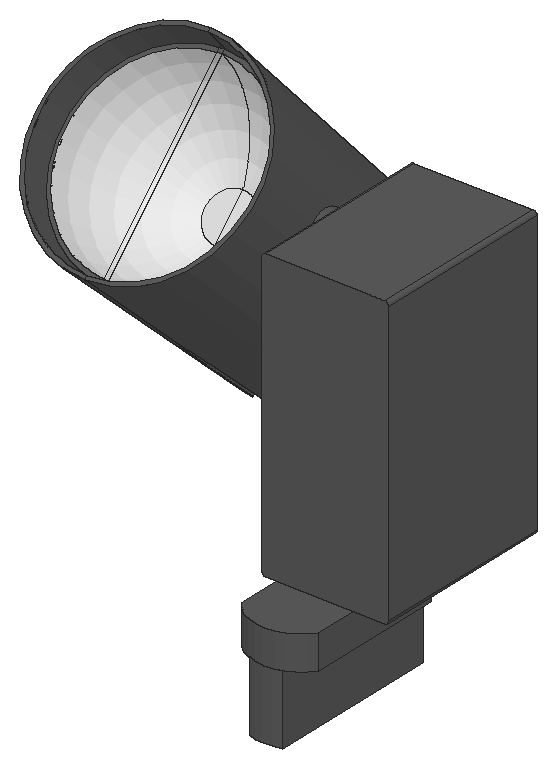
Revit family "0004949 Feilo Sylvania Lighting Fixture START TRACK SPOT S DALI 2141LM 940 MB BLK", category Lighting Fixtures, host Face, Revit 2017 (continued)
Definition of nested family "Start Track Spot Head"
  Types (96, lengths in mm): name | Wattage | built-in parameter 1150134 | Photometric Web File | Model | built-in parameter 1150105 | Lumens | built-in parameter 1150107 | built-in parameter 1150106 | HeadThickness_FEILO | HeadRibOffset_FEILO | HeadRibDepth_FEILO | HeadRibCutWidth_FEILO | HeadRibCutOffset_FEILO | HeadReflectorRadius_FEILO | HeadReflectorOffset_FEILO | HeadLEDRadius_FEILO | HeadHeight_FEILO | HeadDiffusorOffset_FEILO | HeadDiaOut_FEILO | HeadDiaIn_FEILO | HeadAxisFromTop_FEILO | Emit from Circle Diameter | built-in parameter 1150104 | Description | Apparent Load
    0004864 START TRACK SPOT S 24W 3K RA90 WB WHITE | 24 W | (empty or 0) | "0004864.ies" | "START TRACK SPOT S 24W 3K RA90 WB WHITE" | 152.79 (stored number, unit not read) | 1920 lm | 3000 (stored number, unit not read) | 1.5279 (stored number, unit not read) | 1.5 | 4.179 | 55.714 | 7.167 | 50.87 | 50.588 | 55.714 | 9.556 | 117 | 9.435 | 86 | 77.477 | 69.354 | 77.477 | 7.4322 (stored number, unit not read) | "Integrated LED spotlight, Textured White - RAL9016, compact and minimalist design, ideal for retail applications, die-cast aluminium body, passive cooling heatsink. Beam angle: 64°, color temperature: 3000K , total system power: 24W, total fixture output: 1928 lm, LOR: 100%, colour rendering: Ra: 90 typical, LED Chromaticity: 3 step MacAdam ellipse, lifetime: >50000 hours at L70B50, energy class: A++, A+, A, IR/UV free light source without heat radiation, operating voltage: 220-240V / 50-60Hz, drive current: 600mA, electronic driver, non-dimmable, power factor: 0.95, electrical protection: Class II, Global Track 3 Phase adapter suitable for Global trac 3-circuit tracks, ingress protection rating: IP20, suitable for internal environment only, horizontal rotation: 355°, vertical tilt: 90°, dimensions: Ø86x140x200, weight: 0.966kg." | 24 VA
    0004863 START TRACK SPOT S 24W 3K RA90 MB WHITE | 24 W | (empty or 0) | "0004863.ies" | "START TRACK SPOT S 24W 3K RA90 MB WHITE" | 154.7 (stored number, unit not read) | 1944 lm | 3000 (stored number, unit not read) | 1.547 (stored number, unit not read) | 1.5 | 4.179 | 55.714 | 7.167 | 50.87 | 50.588 | 55.714 | 9.556 | 117 | 9.435 | 86 | 77.477 | 69.354 | 77.477 | 7.5251 (stored number, unit not read) | "Integrated LED spotlight, Textured White - RAL9016, compact and minimalist design, ideal for retail applications, die-cast aluminium body, passive cooling heatsink. Beam angle: 36°, color temperature: 3000K , total system power: 24W, total fixture output: 1944 lm, LOR: 100%, colour rendering: Ra: 90 typical, LED Chromaticity: 3 step MacAdam ellipse, lifetime: >50000 hours at L70B50, energy class: A++, A+, A, IR/UV free light source without heat radiation, operating voltage: 220-240V / 50-60Hz, drive current: 600mA, electronic driver, non-dimmable, power factor: 0.95, electrical protection: Class II, Global Track 3 Phase adapter suitable for Global trac 3-circuit tracks, ingress protection rating: IP20, suitable for internal environment only, horizontal rotation: 355°, vertical tilt: 90°, dimensions: Ø86x140x200, weight: 0.966kg." | 24 VA
    0004862 START TRACK SPOT S 24W 3K RA90 NB WHITE | 24 W | (empty or 0) | "0004862.ies" | "START TRACK SPOT S 24W 3K RA90 NB WHITE" | 158.52 (stored number, unit not read) | 1992 lm | 3000 (stored number, unit not read) | 1.5852 (stored number, unit not read) | 1.5 | 4.179 | 55.714 | 7.167 | 50.87 | 50.588 | 55.714 | 9.556 | 117 | 9.435 | 86 | 77.477 | 69.354 | 77.477 | 7.711 (stored number, unit not read) | "Integrated LED spotlight, Textured White - RAL9016, compact and minimalist design, ideal for retail applications, die-cast aluminium body, passive cooling heatsink. Beam angle: 12°, color temperature: 3000K , total system power: 24W, total fixture output: 1987 lm, LOR: 100%, colour rendering: Ra: 90 typical, LED Chromaticity: 3 step MacAdam ellipse, lifetime: >50000 hours at L70B50, energy class: A++, A+, A, IR/UV free light source without heat radiation, operating voltage: 220-240V / 50-60Hz, drive current: 600mA, electronic driver, non-dimmable, power factor: 0.95, electrical protection: Class II, Global Track 3 Phase adapter suitable for Global trac 3-circuit tracks, ingress protection rating: IP20, suitable for internal environment only, horizontal rotation: 355°, vertical tilt: 90°, dimensions: Ø86x140x200, weight: 0.966kg." | 24 VA
    0004861 START TRACK SPOT S 14W 3K RA90 WB WHITE | 14 W | (empty or 0) | "0004861.ies" | "START TRACK SPOT S 14W 3K RA90 WB WHITE" | 100.27 (stored number, unit not read) | 1260 lm | 3000 (stored number, unit not read) | 1.0027 (stored number, unit not read) | 1.5 | 4.179 | 55.714 | 7.167 | 50.87 | 50.588 | 55.714 | 9.556 | 117 | 9.435 | 86 | 77.477 | 69.354 | 77.477 | 8.3613 (stored number, unit not read) | "Integrated LED spotlight, Textured White - RAL9016, compact and minimalist design, ideal for retail applications, die-cast aluminium body, passive cooling heatsink. Beam angle: 64°, color temperature: 3000K , total system power: 14W, total fixture output: 1262 lm, LOR: 100%, colour rendering: Ra: 90 typical, LED Chromaticity: 3 step MacAdam ellipse, lifetime: >50000 hours at L70B50, energy class: A++, A+, A, IR/UV free light source without heat radiation, operating voltage: 220-240V / 50-60Hz, drive current: 350mA, electronic driver, non-dimmable, power factor: 0.92, electrical protection: Class II, Global Track 3 Phase adapter suitable for Global trac 3-circuit tracks, ingress protection rating: IP20, suitable for internal environment only, horizontal rotation: 355°, vertical tilt: 90°, dimensions: Ø86x140x200, weight: 0.940kg." | 14 VA
    0004860 START TRACK SPOT S 14W 3K RA90 MB WHITE | 14 W | (empty or 0) | "0004860.ies" | "START TRACK SPOT S 14W 3K RA90 MB WHITE" | 100.27 (stored number, unit not read) | 1260 lm | 3000 (stored number, unit not read) | 1.0027 (stored number, unit not read) | 1.5 | 4.179 | 55.714 | 7.167 | 50.87 | 50.588 | 55.714 | 9.556 | 117 | 9.435 | 86 | 77.477 | 69.354 | 77.477 | 8.3613 (stored number, unit not read) | "Integrated LED spotlight, Textured White - RAL9016, compact and minimalist design, ideal for retail applications, die-cast aluminium body, passive cooling heatsink. Beam angle: 36°, color temperature: 3000K , total system power: 14W, total fixture output: 1262 lm, LOR: 100%, colour rendering: Ra: 90 typical, LED Chromaticity: 3 step MacAdam ellipse, lifetime: >50000 hours at L70B50, energy class: A++, A+, A, IR/UV free light source without heat radiation, operating voltage: 220-240V / 50-60Hz, drive current: 350mA, electronic driver, non-dimmable, power factor: 0.92, electrical protection: Class II, Global Track 3 Phase adapter suitable for Global trac 3-circuit tracks, ingress protection rating: IP20, suitable for internal environment only, horizontal rotation: 355°, vertical tilt: 90°, dimensions: Ø86x140x200, weight: 0.940kg." | 14 VA
    0004859 START TRACK SPOT S 14W 3K RA90 NB WHITE | 14 W | (empty or 0) | "0004859.ies" | "START TRACK SPOT S 14W 3K RA90 NB WHITE" | 102.5 (stored number, unit not read) | 1288 lm | 3000 (stored number, unit not read) | 1.025 (stored number, unit not read) | 1.5 | 4.179 | 55.714 | 7.167 | 50.87 | 50.588 | 55.714 | 9.556 | 117 | 9.435 | 86 | 77.477 | 69.354 | 77.477 | 8.5471 (stored number, unit not read) | "Integrated LED spotlight, Textured White - RAL9016, compact and minimalist design, ideal for retail applications, die-cast aluminium body, passive cooling heatsink. Beam angle: 12°, color temperature: 3000K , total system power: 14W, total fixture output: 1284 lm, LOR: 100%, colour rendering: Ra: 90 typical, LED Chromaticity: 3 step MacAdam ellipse, lifetime: >50000 hours at L70B50, energy class: A++, A+, A, IR/UV free light source without heat radiation, operating voltage: 220-240V / 50-60Hz, drive current: 350mA, electronic driver, non-dimmable, power factor: 0.92, electrical protection: Class II, Global Track 3 Phase adapter suitable for Global trac 3-circuit tracks, ingress protection rating: IP20, suitable for internal environment only, horizontal rotation: 355°, vertical tilt: 90°, dimensions: Ø86x140x200, weight: 0.940kg." | 14 VA
    0004858 START TRACK SPOT L 55W 4K RA80 WB BLACK | 55 W | 12 | "0004858.ies" | "START TRACK SPOT L 55W 4K RA80 WB BLACK" | 424.55 (stored number, unit not read) | 5335 lm | 4000 (stored number, unit not read) | 4.2455 (stored number, unit not read) | 2 | 4.429 | 59.048 | 9.417 | 53.913 | 66.471 | 59.048 | 12.556 | 124 | 10 | 113 | 101.802 | 73.503 | 101.802 | 9.0116 (stored number, unit not read) | "Integrated LED spotlight, Textured Black - RAL9005, compact and minimalist design, ideal for retail applications, die-cast aluminium body, passive cooling heatsink. Beam angle: 52°, color temperature: 4000K , total system power: 55W, total fixture output: 5320 lm, LOR: 100%, colour rendering: Ra: 80 typical, LED Chromaticity: 3 step MacAdam ellipse, lifetime: >50000 hours at L70B50, energy class: A++, A+, A, IR/UV free light source without heat radiation, operating voltage: 220-240V / 50-60Hz, drive current: 1400mA, electronic driver, non-dimmable, power factor: 0.96, electrical protection: Class II, Global Track 3 Phase adapter suitable for Global trac 3-circuit tracks, ingress protection rating: IP20, suitable for internal environment only, horizontal rotation: 355°, vertical tilt: 90°, dimensions: Ø113x164x240, weight: 1.398kg." | 55 VA
    0004857 START TRACK SPOT L 55W 4K RA80 MB BLACK | 55 W | 12 | "0004857.ies" | "START TRACK SPOT L 55W 4K RA80 MB BLACK" | 428.92 (stored number, unit not read) | 5390 lm | 4000 (stored number, unit not read) | 4.2892 (stored number, unit not read) | 2 | 4.429 | 59.048 | 9.417 | 53.913 | 66.471 | 59.048 | 12.556 | 124 | 10 | 113 | 101.802 | 73.503 | 101.802 | 9.1045 (stored number, unit not read) | "Integrated LED spotlight, Textured Black - RAL9005, compact and minimalist design, ideal for retail applications, die-cast aluminium body, passive cooling heatsink. Beam angle: 38°, color temperature: 4000K , total system power: 55W, total fixture output: 5378 lm, LOR: 100%, colour rendering: Ra: 80 typical, LED Chromaticity: 3 step MacAdam ellipse, lifetime: >50000 hours at L70B50, energy class: A++, A+, A, IR/UV free light source without heat radiation, operating voltage: 220-240V / 50-60Hz, drive current: 1400mA, electronic driver, non-dimmable, power factor: 0.96, electrical protection: Class II, Global Track 3 Phase adapter suitable for Global trac 3-circuit tracks, ingress protection rating: IP20, suitable for internal environment only, horizontal rotation: 355°, vertical tilt: 90°, dimensions: Ø113x164x240, weight: 1.398kg." | 55 VA
    0004856 START TRACK SPOT L 55W 4K RA80 NB BLACK | 55 W | 12 | "0004856.ies" | "START TRACK SPOT L 55W 4K RA80 NB BLACK" | 433.3 (stored number, unit not read) | 5445 lm | 4000 (stored number, unit not read) | 4.333 (stored number, unit not read) | 2 | 4.429 | 59.048 | 9.417 | 53.913 | 66.471 | 59.048 | 12.556 | 124 | 10 | 113 | 101.802 | 73.503 | 101.802 | 9.1974 (stored number, unit not read) | "Integrated LED spotlight, Textured Black - RAL9005, compact and minimalist design, ideal for retail applications, die-cast aluminium body, passive cooling heatsink. Beam angle: 15°, color temperature: 4000K , total system power: 55W, total fixture output: 5426 lm, LOR: 100%, colour rendering: Ra: 80 typical, LED Chromaticity: 3 step MacAdam ellipse, lifetime: >50000 hours at L70B50, energy class: A++, A+, A, IR/UV free light source without heat radiation, operating voltage: 220-240V / 50-60Hz, drive current: 1400mA, electronic driver, non-dimmable, power factor: 0.96, electrical protection: Class II, Global Track 3 Phase adapter suitable for Global trac 3-circuit tracks, ingress protection rating: IP20, suitable for internal environment only, horizontal rotation: 355°, vertical tilt: 90°, dimensions: Ø113x164x240, weight: 1.398kg." | 55 VA
    0004855 START TRACK SPOT L 35W 4K RA80 WB BLACK | 35 W | 12 | "0004855.ies" | "START TRACK SPOT L 35W 4K RA80 WB BLACK" | 320.3 (stored number, unit not read) | 4025 lm | 4000 (stored number, unit not read) | 3.203 (stored number, unit not read) | 2 | 4.429 | 59.048 | 9.417 | 53.913 | 66.471 | 59.048 | 12.556 | 124 | 10 | 113 | 101.802 | 73.503 | 101.802 | 10.684 (stored number, unit not read) | "Integrated LED spotlight, Textured Black - RAL9005, compact and minimalist design, ideal for retail applications, die-cast aluminium body, passive cooling heatsink. Beam angle: 52°, color temperature: 4000K , total system power: 35W, total fixture output: 4010 lm, LOR: 100%, colour rendering: Ra: 80 typical, LED Chromaticity: 3 step MacAdam ellipse, lifetime: >50000 hours at L70B50, energy class: A++, A+, A, IR/UV free light source without heat radiation, operating voltage: 220-240V / 50-60Hz, drive current: 900mA, electronic driver, non-dimmable, power factor: 0.93, electrical protection: Class II, Global Track 3 Phase adapter suitable for Global trac 3-circuit tracks, ingress protection rating: IP20, suitable for internal environment only, horizontal rotation: 355°, vertical tilt: 90°, dimensions: Ø113x164x240, weight: 1.368kg." | 35 VA
    0004854 START TRACK SPOT L 35W 4K RA80 MB BLACK | 35 W | 12 | "0004854.ies" | "START TRACK SPOT L 35W 4K RA80 MB BLACK" | 320.3 (stored number, unit not read) | 4025 lm | 4000 (stored number, unit not read) | 3.203 (stored number, unit not read) | 2 | 4.429 | 59.048 | 9.417 | 53.913 | 66.471 | 59.048 | 12.556 | 124 | 10 | 113 | 101.802 | 73.503 | 101.802 | 10.684 (stored number, unit not read) | "Integrated LED spotlight, Textured Black - RAL9005, compact and minimalist design, ideal for retail applications, die-cast aluminium body, passive cooling heatsink. Beam angle: 38°, color temperature: 4000K , total system power: 35W, total fixture output: 4017 lm, LOR: 100%, colour rendering: Ra: 80 typical, LED Chromaticity: 3 step MacAdam ellipse, lifetime: >50000 hours at L70B50, energy class: A++, A+, A, IR/UV free light source without heat radiation, operating voltage: 220-240V / 50-60Hz, drive current: 900mA, electronic driver, non-dimmable, power factor: 0.93, electrical protection: Class II, Global Track 3 Phase adapter suitable for Global trac 3-circuit tracks, ingress protection rating: IP20, suitable for internal environment only, horizontal rotation: 355°, vertical tilt: 90°, dimensions: Ø113x164x240, weight: 1.368kg." | 35 VA
    0004853 START TRACK SPOT L 35W 4K RA80 NB BLACK | 35 W | 12 | "0004853.ies" | "START TRACK SPOT L 35W 4K RA80 NB BLACK" | 331.44 (stored number, unit not read) | 4165 lm | 4000 (stored number, unit not read) | 3.3144 (stored number, unit not read) | 2 | 4.429 | 59.048 | 9.417 | 53.913 | 66.471 | 59.048 | 12.556 | 124 | 10 | 113 | 101.802 | 73.503 | 101.802 | 11.055 (stored number, unit not read) | "Integrated LED spotlight, Textured Black - RAL9005, compact and minimalist design, ideal for retail applications, die-cast aluminium body, passive cooling heatsink. Beam angle: 15°, color temperature: 4000K , total system power: 35W, total fixture output: 4174 lm, LOR: 100%, colour rendering: Ra: 80 typical, LED Chromaticity: 3 step MacAdam ellipse, lifetime: >50000 hours at L70B50, energy class: A++, A+, A, IR/UV free light source without heat radiation, operating voltage: 220-240V / 50-60Hz, drive current: 900mA, electronic driver, non-dimmable, power factor: 0.93, electrical protection: Class II, Global Track 3 Phase adapter suitable for Global trac 3-circuit tracks, ingress protection rating: IP20, suitable for internal environment only, horizontal rotation: 355°, vertical tilt: 90°, dimensions: Ø113x164x240, weight: 1.368kg." | 35 VA
    0004852 START TRACK SPOT S 24W 4K RA80 WB BLACK | 24 W | 12 | "0004852.ies" | "START TRACK SPOT S 24W 4K RA80 WB BLACK" | 196.72 (stored number, unit not read) | 2472 lm | 4000 (stored number, unit not read) | 1.9672 (stored number, unit not read) | 1.5 | 4.179 | 55.714 | 7.167 | 50.87 | 50.588 | 55.714 | 9.556 | 117 | 9.435 | 86 | 77.477 | 69.354 | 77.477 | 9.569 (stored number, unit not read) | "Integrated LED spotlight, Textured Black - RAL9005, compact and minimalist design, ideal for retail applications, die-cast aluminium body, passive cooling heatsink. Beam angle: 64°, color temperature: 4000K , total system power: 24W, total fixture output: 2476 lm, LOR: 100%, colour rendering: Ra: 80 typical, LED Chromaticity: 3 step MacAdam ellipse, lifetime: >50000 hours at L70B50, energy class: A++, A+, A, IR/UV free light source without heat radiation, operating voltage: 220-240V / 50-60Hz, drive current: 600mA, electronic driver, non-dimmable, power factor: 0.95, electrical protection: Class II, Global Track 3 Phase adapter suitable for Global trac 3-circuit tracks, ingress protection rating: IP20, suitable for internal environment only, horizontal rotation: 355°, vertical tilt: 90°, dimensions: Ø86x140x200, weight: 0.966kg." | 24 VA
    0004851 START TRACK SPOT S 24W 4K RA80 MB BLACK | 24 W | 12 | "0004851.ies" | "START TRACK SPOT S 24W 4K RA80 MB BLACK" | 198.63 (stored number, unit not read) | 2496 lm | 4000 (stored number, unit not read) | 1.9863 (stored number, unit not read) | 1.5 | 4.179 | 55.714 | 7.167 | 50.87 | 50.588 | 55.714 | 9.556 | 117 | 9.435 | 86 | 77.477 | 69.354 | 77.477 | 9.6619 (stored number, unit not read) | "Integrated LED spotlight, Textured Black - RAL9005, compact and minimalist design, ideal for retail applications, die-cast aluminium body, passive cooling heatsink. Beam angle: 36°, color temperature: 4000K , total system power: 24W, total fixture output: 2487 lm, LOR: 100%, colour rendering: Ra: 80 typical, LED Chromaticity: 3 step MacAdam ellipse, lifetime: >50000 hours at L70B50, energy class: A++, A+, A, IR/UV free light source without heat radiation, operating voltage: 220-240V / 50-60Hz, drive current: 600mA, electronic driver, non-dimmable, power factor: 0.95, electrical protection: Class II, Global Track 3 Phase adapter suitable for Global trac 3-circuit tracks, ingress protection rating: IP20, suitable for internal environment only, horizontal rotation: 355°, vertical tilt: 90°, dimensions: Ø86x140x200, weight: 0.966kg." | 24 VA
    0004850 START TRACK SPOT S 24W 4K RA80 NB BLACK | 24 W | 12 | "0004850.ies" | "START TRACK SPOT S 24W 4K RA80 NB BLACK" | 200.54 (stored number, unit not read) | 2520 lm | 4000 (stored number, unit not read) | 2.0054 (stored number, unit not read) | 1.5 | 4.179 | 55.714 | 7.167 | 50.87 | 50.588 | 55.714 | 9.556 | 117 | 9.435 | 86 | 77.477 | 69.354 | 77.477 | 9.7548 (stored number, unit not read) | "Integrated LED spotlight, Textured Black - RAL9005, compact and minimalist design, ideal for retail applications, die-cast aluminium body, passive cooling heatsink. Beam angle: 12°, color temperature: 4000K , total system power: 24W, total fixture output: 2529 lm, LOR: 100%, colour rendering: Ra: 80 typical, LED Chromaticity: 3 step MacAdam ellipse, lifetime: >50000 hours at L70B50, energy class: A++, A+, A, IR/UV free light source without heat radiation, operating voltage: 220-240V / 50-60Hz, drive current: 600mA, electronic driver, non-dimmable, power factor: 0.95, electrical protection: Class II, Global Track 3 Phase adapter suitable for Global trac 3-circuit tracks, ingress protection rating: IP20, suitable for internal environment only, horizontal rotation: 355°, vertical tilt: 90°, dimensions: Ø86x140x200, weight: 0.966kg." | 24 VA
    0004849 START TRACK SPOT S 14W 4K RA80 WB BLACK | 14 W | 12 | "0004849.ies" | "START TRACK SPOT S 14W 4K RA80 WB BLACK" | 123.66 (stored number, unit not read) | 1554 lm | 4000 (stored number, unit not read) | 1.2366 (stored number, unit not read) | 1.5 | 4.179 | 55.714 | 7.167 | 50.87 | 50.588 | 55.714 | 9.556 | 117 | 9.435 | 86 | 77.477 | 69.354 | 77.477 | 10.312 (stored number, unit not read) | "Integrated LED spotlight, Textured Black - RAL9005, compact and minimalist design, ideal for retail applications, die-cast aluminium body, passive cooling heatsink. Beam angle: 64°, color temperature: 4000K , total system power: 14W, total fixture output: 1558 lm, LOR: 100%, colour rendering: Ra: 80 typical, LED Chromaticity: 3 step MacAdam ellipse, lifetime: >50000 hours at L70B50, energy class: A++, A+, A, IR/UV free light source without heat radiation, operating voltage: 220-240V / 50-60Hz, drive current: 350mA, electronic driver, non-dimmable, power factor: 0.92, electrical protection: Class II, Global Track 3 Phase adapter suitable for Global trac 3-circuit tracks, ingress protection rating: IP20, suitable for internal environment only, horizontal rotation: 355°, vertical tilt: 90°, dimensions: Ø86x140x200, weight: 0.940kg." | 14 VA
    0004848 START TRACK SPOT S 14W 4K RA80 MB BLACK | 14 W | 12 | "0004848.ies" | "START TRACK SPOT S 14W 4K RA80 MB BLACK" | 127.01 (stored number, unit not read) | 1596 lm | 4000 (stored number, unit not read) | 1.2701 (stored number, unit not read) | 1.5 | 4.179 | 55.714 | 7.167 | 50.87 | 50.588 | 55.714 | 9.556 | 117 | 9.435 | 86 | 77.477 | 69.354 | 77.477 | 10.591 (stored number, unit not read) | "Integrated LED spotlight, Textured Black - RAL9005, compact and minimalist design, ideal for retail applications, die-cast aluminium body, passive cooling heatsink. Beam angle: 36°, color temperature: 4000K , total system power: 14W, total fixture output: 1598 lm, LOR: 100%, colour rendering: Ra: 80 typical, LED Chromaticity: 3 step MacAdam ellipse, lifetime: >50000 hours at L70B50, energy class: A++, A+, A, IR/UV free light source without heat radiation, operating voltage: 220-240V / 50-60Hz, drive current: 350mA, electronic driver, non-dimmable, power factor: 0.92, electrical protection: Class II, Global Track 3 Phase adapter suitable for Global trac 3-circuit tracks, ingress protection rating: IP20, suitable for internal environment only, horizontal rotation: 355°, vertical tilt: 90°, dimensions: Ø86x140x200, weight: 0.940kg." | 14 VA
    0004847 START TRACK SPOT S 14W 4K RA80 NB BLACK | 14 W | 12 | "0004847.ies" | "START TRACK SPOT S 14W 4K RA80 NB BLACK" | 128.12 (stored number, unit not read) | 1610 lm | 4000 (stored number, unit not read) | 1.2812 (stored number, unit not read) | 1.5 | 4.179 | 55.714 | 7.167 | 50.87 | 50.588 | 55.714 | 9.556 | 117 | 9.435 | 86 | 77.477 | 69.354 | 77.477 | 10.684 (stored number, unit not read) | "Integrated LED spotlight, Textured Black - RAL9005, compact and minimalist design, ideal for retail applications, die-cast aluminium body, passive cooling heatsink. Beam angle: 12°, color temperature: 4000K , total system power: 14W, total fixture output: 1608 lm, LOR: 100%, colour rendering: Ra: 80 typical, LED Chromaticity: 3 step MacAdam ellipse, lifetime: >50000 hours at L70B50, energy class: A++, A+, A, IR/UV free light source without heat radiation, operating voltage: 220-240V / 50-60Hz, drive current: 350mA, electronic driver, non-dimmable, power factor: 0.92, electrical protection: Class II, Global Track 3 Phase adapter suitable for Global trac 3-circuit tracks, ingress protection rating: IP20, suitable for internal environment only, horizontal rotation: 355°, vertical tilt: 90°, dimensions: Ø86x140x200, weight: 0.940kg." | 14 VA
    0004846 START TRACK SPOT L 55W 3K RA80 WB BLACK | 55 W | (empty or 0) | "0004846.ies" | "START TRACK SPOT L 55W 3K RA80 WB BLACK" | 420.17 (stored number, unit not read) | 5280 lm | 3000 (stored number, unit not read) | 4.2017 (stored number, unit not read) | 2 | 4.429 | 59.048 | 9.417 | 53.913 | 66.471 | 59.048 | 12.556 | 124 | 10 | 113 | 101.802 | 73.503 | 101.802 | 8.9187 (stored number, unit not read) | "Integrated LED spotlight, Textured Black - RAL9005, compact and minimalist design, ideal for retail applications, die-cast aluminium body, passive cooling heatsink. Beam angle: 52°, color temperature: 3000K , total system power: 55W, total fixture output: 5298 lm, LOR: 100%, colour rendering: Ra: 80 typical, LED Chromaticity: 3 step MacAdam ellipse, lifetime: >50000 hours at L70B50, energy class: A++, A+, A, IR/UV free light source without heat radiation, operating voltage: 220-240V / 50-60Hz, drive current: 1400mA, electronic driver, non-dimmable, power factor: 0.96, electrical protection: Class II, Global Track 3 Phase adapter suitable for Global trac 3-circuit tracks, ingress protection rating: IP20, suitable for internal environment only, horizontal rotation: 355°, vertical tilt: 90°, dimensions: Ø113x164x240, weight: 1.398kg." | 55 VA
    0004845 START TRACK SPOT L 55W 3K RA80 MB BLACK | 55 W | (empty or 0) | "0004845.ies" | "START TRACK SPOT L 55W 3K RA80 MB BLACK" | 428.92 (stored number, unit not read) | 5390 lm | 3000 (stored number, unit not read) | 4.2892 (stored number, unit not read) | 2 | 4.429 | 59.048 | 9.417 | 53.913 | 66.471 | 59.048 | 12.556 | 124 | 10 | 113 | 101.802 | 73.503 | 101.802 | 9.1045 (stored number, unit not read) | "Integrated LED spotlight, Textured Black - RAL9005, compact and minimalist design, ideal for retail applications, die-cast aluminium body, passive cooling heatsink. Beam angle: 38°, color temperature: 3000K , total system power: 55W, total fixture output: 5381 lm, LOR: 100%, colour rendering: Ra: 80 typical, LED Chromaticity: 3 step MacAdam ellipse, lifetime: >50000 hours at L70B50, energy class: A++, A+, A, IR/UV free light source without heat radiation, operating voltage: 220-240V / 50-60Hz, drive current: 1400mA, electronic driver, non-dimmable, power factor: 0.96, electrical protection: Class II, Global Track 3 Phase adapter suitable for Global trac 3-circuit tracks, ingress protection rating: IP20, suitable for internal environment only, horizontal rotation: 355°, vertical tilt: 90°, dimensions: Ø113x164x240, weight: 1.398kg." | 55 VA
    0004844 START TRACK SPOT L 55W 3K RA80 NB BLACK | 55 W | (empty or 0) | "0004844.ies" | "START TRACK SPOT L 55W 3K RA80 NB BLACK" | 433.3 (stored number, unit not read) | 5445 lm | 3000 (stored number, unit not read) | 4.333 (stored number, unit not read) | 2 | 4.429 | 59.048 | 9.417 | 53.913 | 66.471 | 59.048 | 12.556 | 124 | 10 | 113 | 101.802 | 73.503 | 101.802 | 9.1974 (stored number, unit not read) | "Integrated LED spotlight, Textured Black - RAL9005, compact and minimalist design, ideal for retail applications, die-cast aluminium body, passive cooling heatsink. Beam angle: 15°, color temperature: 3000K , total system power: 55W, total fixture output: 5449 lm, LOR: 100%, colour rendering: Ra: 80 typical, LED Chromaticity: 3 step MacAdam ellipse, lifetime: >50000 hours at L70B50, energy class: A++, A+, A, IR/UV free light source without heat radiation, operating voltage: 220-240V / 50-60Hz, drive current: 1400mA, electronic driver, non-dimmable, power factor: 0.96, electrical protection: Class II, Global Track 3 Phase adapter suitable for Global trac 3-circuit tracks, ingress protection rating: IP20, suitable for internal environment only, horizontal rotation: 355°, vertical tilt: 90°, dimensions: Ø113x164x240, weight: 1.398kg." | 55 VA
    0004843 START TRACK SPOT L 35W 3K RA80 WB BLACK | 35 W | (empty or 0) | "0004843.ies" | "START TRACK SPOT L 35W 3K RA80 WB BLACK" | 314.73 (stored number, unit not read) | 3955 lm | 3000 (stored number, unit not read) | 3.1473 (stored number, unit not read) | 2 | 4.429 | 59.048 | 9.417 | 53.913 | 66.471 | 59.048 | 12.556 | 124 | 10 | 113 | 101.802 | 73.503 | 101.802 | 10.498 (stored number, unit not read) | "Integrated LED spotlight, Textured Black - RAL9005, compact and minimalist design, ideal for retail applications, die-cast aluminium body, passive cooling heatsink. Beam angle: 52°, color temperature: 3000K , total system power: 35W, total fixture output: 3943 lm, LOR: 100%, colour rendering: Ra: 80 typical, LED Chromaticity: 3 step MacAdam ellipse, lifetime: >50000 hours at L70B50, energy class: A++, A+, A, IR/UV free light source without heat radiation, operating voltage: 220-240V / 50-60Hz, drive current: 900mA, electronic driver, non-dimmable, power factor: 0.93, electrical protection: Class II, Global Track 3 Phase adapter suitable for Global trac 3-circuit tracks, ingress protection rating: IP20, suitable for internal environment only, horizontal rotation: 355°, vertical tilt: 90°, dimensions: Ø113x164x240, weight: 1.368kg." | 35 VA
    0004842 START TRACK SPOT L 35W 3K RA80 MB BLACK | 35 W | (empty or 0) | "0004842.ies" | "START TRACK SPOT L 35W 3K RA80 MB BLACK" | 320.3 (stored number, unit not read) | 4025 lm | 3000 (stored number, unit not read) | 3.203 (stored number, unit not read) | 2 | 4.429 | 59.048 | 9.417 | 53.913 | 66.471 | 59.048 | 12.556 | 124 | 10 | 113 | 101.802 | 73.503 | 101.802 | 10.684 (stored number, unit not read) | "Integrated LED spotlight, Textured Black - RAL9005, compact and minimalist design, ideal for retail applications, die-cast aluminium body, passive cooling heatsink. Beam angle: 38°, color temperature: 3000K , total system power: 35W, total fixture output: 4008 lm, LOR: 100%, colour rendering: Ra: 80 typical, LED Chromaticity: 3 step MacAdam ellipse, lifetime: >50000 hours at L70B50, energy class: A++, A+, A, IR/UV free light source without heat radiation, operating voltage: 220-240V / 50-60Hz, drive current: 900mA, electronic driver, non-dimmable, power factor: 0.93, electrical protection: Class II, Global Track 3 Phase adapter suitable for Global trac 3-circuit tracks, ingress protection rating: IP20, suitable for internal environment only, horizontal rotation: 355°, vertical tilt: 90°, dimensions: Ø113x164x240, weight: 1.368kg." | 35 VA
    0004841 START TRACK SPOT L 35W 3K RA80 NB BLACK | 35 W | (empty or 0) | "0004841.ies" | "START TRACK SPOT L 35W 3K RA80 NB BLACK" | 317.51 (stored number, unit not read) | 3990 lm | 3000 (stored number, unit not read) | 3.1751 (stored number, unit not read) | 2 | 4.429 | 59.048 | 9.417 | 53.913 | 66.471 | 59.048 | 12.556 | 124 | 10 | 113 | 101.802 | 73.503 | 101.802 | 10.591 (stored number, unit not read) | "Integrated LED spotlight, Textured Black - RAL9005, compact and minimalist design, ideal for retail applications, die-cast aluminium body, passive cooling heatsink. Beam angle: 15°, color temperature: 3000K , total system power: 35W, total fixture output: 4005 lm, LOR: 100%, colour rendering: Ra: 80 typical, LED Chromaticity: 3 step MacAdam ellipse, lifetime: >50000 hours at L70B50, energy class: A++, A+, A, IR/UV free light source without heat radiation, operating voltage: 220-240V / 50-60Hz, drive current: 900mA, electronic driver, non-dimmable, power factor: 0.93, electrical protection: Class II, Global Track 3 Phase adapter suitable for Global trac 3-circuit tracks, ingress protection rating: IP20, suitable for internal environment only, horizontal rotation: 355°, vertical tilt: 90°, dimensions: Ø113x164x240, weight: 1.368kg." | 35 VA
    0004840 START TRACK SPOT S 24W 3K RA80 WB BLACK | 24 W | (empty or 0) | "0004840.ies" | "START TRACK SPOT S 24W 3K RA80 WB BLACK" | 185.26 (stored number, unit not read) | 2328 lm | 3000 (stored number, unit not read) | 1.8526 (stored number, unit not read) | 1.5 | 4.179 | 55.714 | 7.167 | 50.87 | 50.588 | 55.714 | 9.556 | 117 | 9.435 | 86 | 77.477 | 69.354 | 77.477 | 9.0116 (stored number, unit not read) | "Integrated LED spotlight, Textured Black - RAL9005, compact and minimalist design, ideal for retail applications, die-cast aluminium body, passive cooling heatsink. Beam angle: 64°, color temperature: 3000K , total system power: 24W, total fixture output: 2318 lm, LOR: 100%, colour rendering: Ra: 80 typical, LED Chromaticity: 3 step MacAdam ellipse, lifetime: >50000 hours at L70B50, energy class: A++, A+, A, IR/UV free light source without heat radiation, operating voltage: 220-240V / 50-60Hz, drive current: 600mA, electronic driver, non-dimmable, power factor: 0.95, electrical protection: Class II, Global Track 3 Phase adapter suitable for Global trac 3-circuit tracks, ingress protection rating: IP20, suitable for internal environment only, horizontal rotation: 355°, vertical tilt: 90°, dimensions: Ø86x140x200, weight: 0.966kg." | 24 VA
    0004839 START TRACK SPOT S 24W 3K RA80 MB BLACK | 24 W | (empty or 0) | "0004839.ies" | "START TRACK SPOT S 24W 3K RA80 MB BLACK" | 183.35 (stored number, unit not read) | 2304 lm | 3000 (stored number, unit not read) | 1.8335 (stored number, unit not read) | 1.5 | 4.179 | 55.714 | 7.167 | 50.87 | 50.588 | 55.714 | 9.556 | 117 | 9.435 | 86 | 77.477 | 69.354 | 77.477 | 8.9187 (stored number, unit not read) | "Integrated LED spotlight, Textured Black - RAL9005, compact and minimalist design, ideal for retail applications, die-cast aluminium body, passive cooling heatsink. Beam angle: 36°, color temperature: 3000K , total system power: 24W, total fixture output: 2314 lm, LOR: 100%, colour rendering: Ra: 80 typical, LED Chromaticity: 3 step MacAdam ellipse, lifetime: >50000 hours at L70B50, energy class: A++, A+, A, IR/UV free light source without heat radiation, operating voltage: 220-240V / 50-60Hz, drive current: 600mA, electronic driver, non-dimmable, power factor: 0.95, electrical protection: Class II, Global Track 3 Phase adapter suitable for Global trac 3-circuit tracks, ingress protection rating: IP20, suitable for internal environment only, horizontal rotation: 355°, vertical tilt: 90°, dimensions: Ø86x140x200, weight: 0.966kg." | 24 VA
    0004838 START TRACK SPOT S 24W 3K RA80 NB BLACK | 24 W | (empty or 0) | "0004838.ies" | "START TRACK SPOT S 24W 3K RA80 NB BLACK" | 185.26 (stored number, unit not read) | 2328 lm | 3000 (stored number, unit not read) | 1.8526 (stored number, unit not read) | 1.5 | 4.179 | 55.714 | 7.167 | 50.87 | 50.588 | 55.714 | 9.556 | 117 | 9.435 | 86 | 77.477 | 69.354 | 77.477 | 9.0116 (stored number, unit not read) | "Integrated LED spotlight, Textured Black - RAL9005, compact and minimalist design, ideal for retail applications, die-cast aluminium body, passive cooling heatsink. Beam angle: 12°, color temperature: 3000K , total system power: 24W, total fixture output: 2334 lm, LOR: 100%, colour rendering: Ra: 80 typical, LED Chromaticity: 3 step MacAdam ellipse, lifetime: >50000 hours at L70B50, energy class: A++, A+, A, IR/UV free light source without heat radiation, operating voltage: 220-240V / 50-60Hz, drive current: 600mA, electronic driver, non-dimmable, power factor: 0.95, electrical protection: Class II, Global Track 3 Phase adapter suitable for Global trac 3-circuit tracks, ingress protection rating: IP20, suitable for internal environment only, horizontal rotation: 355°, vertical tilt: 90°, dimensions: Ø86x140x200, weight: 0.966kg." | 24 VA
    0004837 START TRACK SPOT S 14W 3K RA80 WB BLACK | 14 W | (empty or 0) | "0004837.ies" | "START TRACK SPOT S 14W 3K RA80 WB BLACK" | 119.21 (stored number, unit not read) | 1498 lm | 3000 (stored number, unit not read) | 1.1921 (stored number, unit not read) | 1.5 | 4.179 | 55.714 | 7.167 | 50.87 | 50.588 | 55.714 | 9.556 | 117 | 9.435 | 86 | 77.477 | 69.354 | 77.477 | 9.9406 (stored number, unit not read) | "Integrated LED spotlight, Textured Black - RAL9005, compact and minimalist design, ideal for retail applications, die-cast aluminium body, passive cooling heatsink. Beam angle: 64°, color temperature: 3000K , total system power: 14W, total fixture output: 1498 lm, LOR: 100%, colour rendering: Ra: 80 typical, LED Chromaticity: 3 step MacAdam ellipse, lifetime: >50000 hours at L70B50, energy class: A++, A+, A, IR/UV free light source without heat radiation, operating voltage: 220-240V / 50-60Hz, drive current: 350mA, electronic driver, non-dimmable, power factor: 0.92, electrical protection: Class II, Global Track 3 Phase adapter suitable for Global trac 3-circuit tracks, ingress protection rating: IP20, suitable for internal environment only, horizontal rotation: 355°, vertical tilt: 90°, dimensions: Ø86x140x200, weight: 0.940kg." | 14 VA
    0004836 START TRACK SPOT S 14W 3K RA80 MB BLACK | 14 W | (empty or 0) | "0004836.ies" | "START TRACK SPOT S 14W 3K RA80 MB BLACK" | 120.32 (stored number, unit not read) | 1512 lm | 3000 (stored number, unit not read) | 1.2032 (stored number, unit not read) | 1.5 | 4.179 | 55.714 | 7.167 | 50.87 | 50.588 | 55.714 | 9.556 | 117 | 9.435 | 86 | 77.477 | 69.354 | 77.477 | 10.034 (stored number, unit not read) | "Integrated LED spotlight, Textured Black - RAL9005, compact and minimalist design, ideal for retail applications, die-cast aluminium body, passive cooling heatsink. Beam angle: 36°, color temperature: 3000K , total system power: 14W, total fixture output: 1508 lm, LOR: 100%, colour rendering: Ra: 80 typical, LED Chromaticity: 3 step MacAdam ellipse, lifetime: >50000 hours at L70B50, energy class: A++, A+, A, IR/UV free light source without heat radiation, operating voltage: 220-240V / 50-60Hz, drive current: 350mA, electronic driver, non-dimmable, power factor: 0.92, electrical protection: Class II, Global Track 3 Phase adapter suitable for Global trac 3-circuit tracks, ingress protection rating: IP20, suitable for internal environment only, horizontal rotation: 355°, vertical tilt: 90°, dimensions: Ø86x140x200, weight: 0.940kg." | 14 VA
    0004835 START TRACK SPOT S 14W 3K RA80 NB BLACK | 14 W | (empty or 0) | "0004835.ies" | "START TRACK SPOT S 14W 3K RA80 NB BLACK" | 123.66 (stored number, unit not read) | 1554 lm | 3000 (stored number, unit not read) | 1.2366 (stored number, unit not read) | 1.5 | 4.179 | 55.714 | 7.167 | 50.87 | 50.588 | 55.714 | 9.556 | 117 | 9.435 | 86 | 77.477 | 69.354 | 77.477 | 10.312 (stored number, unit not read) | "Integrated LED spotlight, Textured Black - RAL9005, compact and minimalist design, ideal for retail applications, die-cast aluminium body, passive cooling heatsink. Beam angle: 12°, color temperature: 3000K , total system power: 14W, total fixture output: 1551 lm, LOR: 100%, colour rendering: Ra: 80 typical, LED Chromaticity: 3 step MacAdam ellipse, lifetime: >50000 hours at L70B50, energy class: A++, A+, A, IR/UV free light source without heat radiation, operating voltage: 220-240V / 50-60Hz, drive current: 350mA, electronic driver, non-dimmable, power factor: 0.92, electrical protection: Class II, Global Track 3 Phase adapter suitable for Global trac 3-circuit tracks, ingress protection rating: IP20, suitable for internal environment only, horizontal rotation: 355°, vertical tilt: 90°, dimensions: Ø86x140x200, weight: 0.940kg." | 14 VA
    0004834 START TRACK SPOT L 55W 4K RA80 WB WHITE | 55 W | 12 | "0004834.ies" | "START TRACK SPOT L 55W 4K RA80 WB WHITE" | 424.55 (stored number, unit not read) | 5335 lm | 4000 (stored number, unit not read) | 4.2455 (stored number, unit not read) | 2 | 4.429 | 59.048 | 9.417 | 53.913 | 66.471 | 59.048 | 12.556 | 124 | 10 | 113 | 101.802 | 73.503 | 101.802 | 9.0116 (stored number, unit not read) | "Integrated LED spotlight, Textured White - RAL9016, compact and minimalist design, ideal for retail applications, die-cast aluminium body, passive cooling heatsink. Beam angle: 52°, color temperature: 4000K , total system power: 55W, total fixture output: 5320 lm, LOR: 100%, colour rendering: Ra: 80 typical, LED Chromaticity: 3 step MacAdam ellipse, lifetime: >50000 hours at L70B50, energy class: A++, A+, A, IR/UV free light source without heat radiation, operating voltage: 220-240V / 50-60Hz, drive current: 1400mA, electronic driver, non-dimmable, power factor: 0.96, electrical protection: Class II, Global Track 3 Phase adapter suitable for Global trac 3-circuit tracks, ingress protection rating: IP20, suitable for internal environment only, horizontal rotation: 355°, vertical tilt: 90°, dimensions: Ø113x164x240, weight: 1.398kg." | 55 VA
    0004833 START TRACK SPOT L 55W 4K RA80 MB WHITE | 55 W | 12 | "0004833.ies" | "START TRACK SPOT L 55W 4K RA80 MB WHITE" | 428.92 (stored number, unit not read) | 5390 lm | 4000 (stored number, unit not read) | 4.2892 (stored number, unit not read) | 2 | 4.429 | 59.048 | 9.417 | 53.913 | 66.471 | 59.048 | 12.556 | 124 | 10 | 113 | 101.802 | 73.503 | 101.802 | 9.1045 (stored number, unit not read) | "Integrated LED spotlight, Textured White - RAL9016, compact and minimalist design, ideal for retail applications, die-cast aluminium body, passive cooling heatsink. Beam angle: 38°, color temperature: 4000K , total system power: 55W, total fixture output: 5378 lm, LOR: 100%, colour rendering: Ra: 80 typical, LED Chromaticity: 3 step MacAdam ellipse, lifetime: >50000 hours at L70B50, energy class: A++, A+, A, IR/UV free light source without heat radiation, operating voltage: 220-240V / 50-60Hz, drive current: 1400mA, electronic driver, non-dimmable, power factor: 0.96, electrical protection: Class II, Global Track 3 Phase adapter suitable for Global trac 3-circuit tracks, ingress protection rating: IP20, suitable for internal environment only, horizontal rotation: 355°, vertical tilt: 90°, dimensions: Ø113x164x240, weight: 1.398kg." | 55 VA
    0004832 START TRACK SPOT L 55W 4K RA80 NB WHITE | 55 W | 12 | "0004832.ies" | "START TRACK SPOT L 55W 4K RA80 NB WHITE" | 433.3 (stored number, unit not read) | 5445 lm | 4000 (stored number, unit not read) | 4.333 (stored number, unit not read) | 2 | 4.429 | 59.048 | 9.417 | 53.913 | 66.471 | 59.048 | 12.556 | 124 | 10 | 113 | 101.802 | 73.503 | 101.802 | 9.1974 (stored number, unit not read) | "Integrated LED spotlight, Textured White - RAL9016, compact and minimalist design, ideal for retail applications, die-cast aluminium body, passive cooling heatsink. Beam angle: 15°, color temperature: 4000K , total system power: 55W, total fixture output: 5426 lm, LOR: 100%, colour rendering: Ra: 80 typical, LED Chromaticity: 3 step MacAdam ellipse, lifetime: >50000 hours at L70B50, energy class: A++, A+, A, IR/UV free light source without heat radiation, operating voltage: 220-240V / 50-60Hz, drive current: 1400mA, electronic driver, non-dimmable, power factor: 0.96, electrical protection: Class II, Global Track 3 Phase adapter suitable for Global trac 3-circuit tracks, ingress protection rating: IP20, suitable for internal environment only, horizontal rotation: 355°, vertical tilt: 90°, dimensions: Ø113x164x240, weight: 1.398kg." | 55 VA
    0004831 START TRACK SPOT L 35W 4K RA80 WB WHITE | 35 W | 12 | "0004831.ies" | "START TRACK SPOT L 35W 4K RA80 WB WHITE" | 320.3 (stored number, unit not read) | 4025 lm | 4000 (stored number, unit not read) | 3.203 (stored number, unit not read) | 2 | 4.429 | 59.048 | 9.417 | 53.913 | 66.471 | 59.048 | 12.556 | 124 | 10 | 113 | 101.802 | 73.503 | 101.802 | 10.684 (stored number, unit not read) | "Integrated LED spotlight, Textured White - RAL9016, compact and minimalist design, ideal for retail applications, die-cast aluminium body, passive cooling heatsink. Beam angle: 52°, color temperature: 4000K , total system power: 35W, total fixture output: 4010 lm, LOR: 100%, colour rendering: Ra: 80 typical, LED Chromaticity: 3 step MacAdam ellipse, lifetime: >50000 hours at L70B50, energy class: A++, A+, A, IR/UV free light source without heat radiation, operating voltage: 220-240V / 50-60Hz, drive current: 900mA, electronic driver, non-dimmable, power factor: 0.93, electrical protection: Class II, Global Track 3 Phase adapter suitable for Global trac 3-circuit tracks, ingress protection rating: IP20, suitable for internal environment only, horizontal rotation: 355°, vertical tilt: 90°, dimensions: Ø113x164x240, weight: 1.368kg." | 35 VA
    0004830 START TRACK SPOT L 35W 4K RA80 MB WHITE | 35 W | 12 | "0004830.ies" | "START TRACK SPOT L 35W 4K RA80 MB WHITE" | 320.3 (stored number, unit not read) | 4025 lm | 4000 (stored number, unit not read) | 3.203 (stored number, unit not read) | 2 | 4.429 | 59.048 | 9.417 | 53.913 | 66.471 | 59.048 | 12.556 | 124 | 10 | 113 | 101.802 | 73.503 | 101.802 | 10.684 (stored number, unit not read) | "Integrated LED spotlight, Textured White - RAL9016, compact and minimalist design, ideal for retail applications, die-cast aluminium body, passive cooling heatsink. Beam angle: 38°, color temperature: 4000K , total system power: 35W, total fixture output: 4017 lm, LOR: 100%, colour rendering: Ra: 80 typical, LED Chromaticity: 3 step MacAdam ellipse, lifetime: >50000 hours at L70B50, energy class: A++, A+, A, IR/UV free light source without heat radiation, operating voltage: 220-240V / 50-60Hz, drive current: 900mA, electronic driver, non-dimmable, power factor: 0.93, electrical protection: Class II, Global Track 3 Phase adapter suitable for Global trac 3-circuit tracks, ingress protection rating: IP20, suitable for internal environment only, horizontal rotation: 355°, vertical tilt: 90°, dimensions: Ø113x164x240, weight: 1.368kg." | 35 VA
    0004829 START TRACK SPOT L 35W 4K RA80 NB WHITE | 35 W | 12 | "0004829.ies" | "START TRACK SPOT L 35W 4K RA80 NB WHITE" | 331.44 (stored number, unit not read) | 4165 lm | 4000 (stored number, unit not read) | 3.3144 (stored number, unit not read) | 2 | 4.429 | 59.048 | 9.417 | 53.913 | 66.471 | 59.048 | 12.556 | 124 | 10 | 113 | 101.802 | 73.503 | 101.802 | 11.055 (stored number, unit not read) | "Integrated LED spotlight, Textured White - RAL9016, compact and minimalist design, ideal for retail applications, die-cast aluminium body, passive cooling heatsink. Beam angle: 15°, color temperature: 4000K , total system power: 35W, total fixture output: 4174 lm, LOR: 100%, colour rendering: Ra: 80 typical, LED Chromaticity: 3 step MacAdam ellipse, lifetime: >50000 hours at L70B50, energy class: A++, A+, A, IR/UV free light source without heat radiation, operating voltage: 220-240V / 50-60Hz, drive current: 900mA, electronic driver, non-dimmable, power factor: 0.93, electrical protection: Class II, Global Track 3 Phase adapter suitable for Global trac 3-circuit tracks, ingress protection rating: IP20, suitable for internal environment only, horizontal rotation: 355°, vertical tilt: 90°, dimensions: Ø113x164x240, weight: 1.368kg." | 35 VA
    0004828 START TRACK SPOT S 24W 4K RA80 WB WHITE | 24 W | 12 | "0004828.ies" | "START TRACK SPOT S 24W 4K RA80 WB WHITE" | 196.72 (stored number, unit not read) | 2472 lm | 4000 (stored number, unit not read) | 1.9672 (stored number, unit not read) | 1.5 | 4.179 | 55.714 | 7.167 | 50.87 | 50.588 | 55.714 | 9.556 | 117 | 9.435 | 86 | 77.477 | 69.354 | 77.477 | 9.569 (stored number, unit not read) | "Integrated LED spotlight, Textured White - RAL9016, compact and minimalist design, ideal for retail applications, die-cast aluminium body, passive cooling heatsink. Beam angle: 64°, color temperature: 4000K , total system power: 24W, total fixture output: 2476 lm, LOR: 100%, colour rendering: Ra: 80 typical, LED Chromaticity: 3 step MacAdam ellipse, lifetime: >50000 hours at L70B50, energy class: A++, A+, A, IR/UV free light source without heat radiation, operating voltage: 220-240V / 50-60Hz, drive current: 600mA, electronic driver, non-dimmable, power factor: 0.95, electrical protection: Class II, Global Track 3 Phase adapter suitable for Global trac 3-circuit tracks, ingress protection rating: IP20, suitable for internal environment only, horizontal rotation: 355°, vertical tilt: 90°, dimensions: Ø86x140x200, weight: 0.966kg." | 24 VA
    0004827 START TRACK SPOT S 24W 4K RA80 MB WHITE | 24 W | 12 | "0004827.ies" | "START TRACK SPOT S 24W 4K RA80 MB WHITE" | 198.63 (stored number, unit not read) | 2496 lm | 4000 (stored number, unit not read) | 1.9863 (stored number, unit not read) | 1.5 | 4.179 | 55.714 | 7.167 | 50.87 | 50.588 | 55.714 | 9.556 | 117 | 9.435 | 86 | 77.477 | 69.354 | 77.477 | 9.6619 (stored number, unit not read) | "Integrated LED spotlight, Textured White - RAL9016, compact and minimalist design, ideal for retail applications, die-cast aluminium body, passive cooling heatsink. Beam angle: 36°, color temperature: 4000K , total system power: 24W, total fixture output: 2487 lm, LOR: 100%, colour rendering: Ra: 80 typical, LED Chromaticity: 3 step MacAdam ellipse, lifetime: >50000 hours at L70B50, energy class: A++, A+, A, IR/UV free light source without heat radiation, operating voltage: 220-240V / 50-60Hz, drive current: 600mA, electronic driver, non-dimmable, power factor: 0.95, electrical protection: Class II, Global Track 3 Phase adapter suitable for Global trac 3-circuit tracks, ingress protection rating: IP20, suitable for internal environment only, horizontal rotation: 355°, vertical tilt: 90°, dimensions: Ø86x140x200, weight: 0.966kg." | 24 VA
    0004826 START TRACK SPOT S 24W 4K RA80 NB WHITE | 24 W | 12 | "0004826.ies" | "START TRACK SPOT S 24W 4K RA80 NB WHITE" | 200.54 (stored number, unit not read) | 2520 lm | 4000 (stored number, unit not read) | 2.0054 (stored number, unit not read) | 1.5 | 4.179 | 55.714 | 7.167 | 50.87 | 50.588 | 55.714 | 9.556 | 117 | 9.435 | 86 | 77.477 | 69.354 | 77.477 | 9.7548 (stored number, unit not read) | "Integrated LED spotlight, Textured White - RAL9016, compact and minimalist design, ideal for retail applications, die-cast aluminium body, passive cooling heatsink. Beam angle: 12°, color temperature: 4000K , total system power: 24W, total fixture output: 2529 lm, LOR: 100%, colour rendering: Ra: 80 typical, LED Chromaticity: 3 step MacAdam ellipse, lifetime: >50000 hours at L70B50, energy class: A++, A+, A, IR/UV free light source without heat radiation, operating voltage: 220-240V / 50-60Hz, drive current: 600mA, electronic driver, non-dimmable, power factor: 0.95, electrical protection: Class II, Global Track 3 Phase adapter suitable for Global trac 3-circuit tracks, ingress protection rating: IP20, suitable for internal environment only, horizontal rotation: 355°, vertical tilt: 90°, dimensions: Ø86x140x200, weight: 0.966kg." | 24 VA
    0004825 START TRACK SPOT S 14W 4K RA80 WB WHITE | 14 W | 12 | "0004825.ies" | "START TRACK SPOT S 14W 4K RA80 WB WHITE" | 123.66 (stored number, unit not read) | 1554 lm | 4000 (stored number, unit not read) | 1.2366 (stored number, unit not read) | 1.5 | 4.179 | 55.714 | 7.167 | 50.87 | 50.588 | 55.714 | 9.556 | 117 | 9.435 | 86 | 77.477 | 69.354 | 77.477 | 10.312 (stored number, unit not read) | "Integrated LED spotlight, Textured White - RAL9016, compact and minimalist design, ideal for retail applications, die-cast aluminium body, passive cooling heatsink. Beam angle: 64°, color temperature: 4000K , total system power: 14W, total fixture output: 1558 lm, LOR: 100%, colour rendering: Ra: 80 typical, LED Chromaticity: 3 step MacAdam ellipse, lifetime: >50000 hours at L70B50, energy class: A++, A+, A, IR/UV free light source without heat radiation, operating voltage: 220-240V / 50-60Hz, drive current: 350mA, electronic driver, non-dimmable, power factor: 0.92, electrical protection: Class II, Global Track 3 Phase adapter suitable for Global trac 3-circuit tracks, ingress protection rating: IP20, suitable for internal environment only, horizontal rotation: 355°, vertical tilt: 90°, dimensions: Ø86x140x200, weight: 0.940kg." | 14 VA
    0004824 START TRACK SPOT S 14W 4K RA80 MB WHITE | 14 W | 12 | "0004824.ies" | "START TRACK SPOT S 14W 4K RA80 MB WHITE" | 127.01 (stored number, unit not read) | 1596 lm | 4000 (stored number, unit not read) | 1.2701 (stored number, unit not read) | 1.5 | 4.179 | 55.714 | 7.167 | 50.87 | 50.588 | 55.714 | 9.556 | 117 | 9.435 | 86 | 77.477 | 69.354 | 77.477 | 10.591 (stored number, unit not read) | "Integrated LED spotlight, Textured White - RAL9016, compact and minimalist design, ideal for retail applications, die-cast aluminium body, passive cooling heatsink. Beam angle: 36°, color temperature: 4000K , total system power: 14W, total fixture output: 1598 lm, LOR: 100%, colour rendering: Ra: 80 typical, LED Chromaticity: 3 step MacAdam ellipse, lifetime: >50000 hours at L70B50, energy class: A++, A+, A, IR/UV free light source without heat radiation, operating voltage: 220-240V / 50-60Hz, drive current: 350mA, electronic driver, non-dimmable, power factor: 0.92, electrical protection: Class II, Global Track 3 Phase adapter suitable for Global trac 3-circuit tracks, ingress protection rating: IP20, suitable for internal environment only, horizontal rotation: 355°, vertical tilt: 90°, dimensions: Ø86x140x200, weight: 0.940kg." | 14 VA
    0004823 START TRACK SPOT S 14W 4K RA80 NB WHITE | 14 W | 12 | "0004823.ies" | "START TRACK SPOT S 14W 4K RA80 NB WHITE" | 128.12 (stored number, unit not read) | 1610 lm | 4000 (stored number, unit not read) | 1.2812 (stored number, unit not read) | 1.5 | 4.179 | 55.714 | 7.167 | 50.87 | 50.588 | 55.714 | 9.556 | 117 | 9.435 | 86 | 77.477 | 69.354 | 77.477 | 10.684 (stored number, unit not read) | "Integrated LED spotlight, Textured White - RAL9016, compact and minimalist design, ideal for retail applications, die-cast aluminium body, passive cooling heatsink. Beam angle: 12°, color temperature: 4000K , total system power: 14W, total fixture output: 1608 lm, LOR: 100%, colour rendering: Ra: 80 typical, LED Chromaticity: 3 step MacAdam ellipse, lifetime: >50000 hours at L70B50, energy class: A++, A+, A, IR/UV free light source without heat radiation, operating voltage: 220-240V / 50-60Hz, drive current: 350mA, electronic driver, non-dimmable, power factor: 0.92, electrical protection: Class II, Global Track 3 Phase adapter suitable for Global trac 3-circuit tracks, ingress protection rating: IP20, suitable for internal environment only, horizontal rotation: 355°, vertical tilt: 90°, dimensions: Ø86x140x200, weight: 0.940kg." | 14 VA
    0004822 START TRACK SPOT L 55W 3K RA80 WB WHITE | 55 W | (empty or 0) | "0004822.ies" | "START TRACK SPOT L 55W 3K RA80 WB WHITE" | 420.17 (stored number, unit not read) | 5280 lm | 3000 (stored number, unit not read) | 4.2017 (stored number, unit not read) | 2 | 4.429 | 59.048 | 9.417 | 53.913 | 66.471 | 59.048 | 12.556 | 124 | 10 | 113 | 101.802 | 73.503 | 101.802 | 8.9187 (stored number, unit not read) | "Integrated LED spotlight, Textured White - RAL9016, compact and minimalist design, ideal for retail applications, die-cast aluminium body, passive cooling heatsink. Beam angle: 52°, color temperature: 3000K , total system power: 55W, total fixture output: 5298 lm, LOR: 100%, colour rendering: Ra: 80 typical, LED Chromaticity: 3 step MacAdam ellipse, lifetime: >50000 hours at L70B50, energy class: A++, A+, A, IR/UV free light source without heat radiation, operating voltage: 220-240V / 50-60Hz, drive current: 1400mA, electronic driver, non-dimmable, power factor: 0.96, electrical protection: Class II, Global Track 3 Phase adapter suitable for Global trac 3-circuit tracks, ingress protection rating: IP20, suitable for internal environment only, horizontal rotation: 355°, vertical tilt: 90°, dimensions: Ø113x164x240, weight: 1.398kg." | 55 VA
    0004821 START TRACK SPOT L 55W 3K RA80 MB WHITE | 55 W | (empty or 0) | "0004821.ies" | "START TRACK SPOT L 55W 3K RA80 MB WHITE" | 428.92 (stored number, unit not read) | 5390 lm | 3000 (stored number, unit not read) | 4.2892 (stored number, unit not read) | 2 | 4.429 | 59.048 | 9.417 | 53.913 | 66.471 | 59.048 | 12.556 | 124 | 10 | 113 | 101.802 | 73.503 | 101.802 | 9.1045 (stored number, unit not read) | "Integrated LED spotlight, Textured White - RAL9016, compact and minimalist design, ideal for retail applications, die-cast aluminium body, passive cooling heatsink. Beam angle: 38°, color temperature: 3000K , total system power: 55W, total fixture output: 5381 lm, LOR: 100%, colour rendering: Ra: 80 typical, LED Chromaticity: 3 step MacAdam ellipse, lifetime: >50000 hours at L70B50, energy class: A++, A+, A, IR/UV free light source without heat radiation, operating voltage: 220-240V / 50-60Hz, drive current: 1400mA, electronic driver, non-dimmable, power factor: 0.96, electrical protection: Class II, Global Track 3 Phase adapter suitable for Global trac 3-circuit tracks, ingress protection rating: IP20, suitable for internal environment only, horizontal rotation: 355°, vertical tilt: 90°, dimensions: Ø113x164x240, weight: 1.398kg." | 55 VA
    0004820 START TRACK SPOT L 55W 3K RA80 NB WHITE | 55 W | (empty or 0) | "0004820.ies" | "START TRACK SPOT L 55W 3K RA80 NB WHITE" | 433.3 (stored number, unit not read) | 5445 lm | 3000 (stored number, unit not read) | 4.333 (stored number, unit not read) | 2 | 4.429 | 59.048 | 9.417 | 53.913 | 66.471 | 59.048 | 12.556 | 124 | 10 | 113 | 101.802 | 73.503 | 101.802 | 9.1974 (stored number, unit not read) | "Integrated LED spotlight, Textured White - RAL9016, compact and minimalist design, ideal for retail applications, die-cast aluminium body, passive cooling heatsink. Beam angle: 15°, color temperature: 3000K , total system power: 55W, total fixture output: 5449 lm, LOR: 100%, colour rendering: Ra: 80 typical, LED Chromaticity: 3 step MacAdam ellipse, lifetime: >50000 hours at L70B50, energy class: A++, A+, A, IR/UV free light source without heat radiation, operating voltage: 220-240V / 50-60Hz, drive current: 1400mA, electronic driver, non-dimmable, power factor: 0.96, electrical protection: Class II, Global Track 3 Phase adapter suitable for Global trac 3-circuit tracks, ingress protection rating: IP20, suitable for internal environment only, horizontal rotation: 355°, vertical tilt: 90°, dimensions: Ø113x164x240, weight: 1.398kg." | 55 VA
    0004819 START TRACK SPOT L 35W 3K RA80 WB WHITE | 35 W | (empty or 0) | "0004819.ies" | "START TRACK SPOT L 35W 3K RA80 WB WHITE" | 314.73 (stored number, unit not read) | 3955 lm | 3000 (stored number, unit not read) | 3.1473 (stored number, unit not read) | 2 | 4.429 | 59.048 | 9.417 | 53.913 | 66.471 | 59.048 | 12.556 | 124 | 10 | 113 | 101.802 | 73.503 | 101.802 | 10.498 (stored number, unit not read) | "Integrated LED spotlight, Textured White - RAL9016, compact and minimalist design, ideal for retail applications, die-cast aluminium body, passive cooling heatsink. Beam angle: 52°, color temperature: 3000K , total system power: 35W, total fixture output: 3943 lm, LOR: 100%, colour rendering: Ra: 80 typical, LED Chromaticity: 3 step MacAdam ellipse, lifetime: >50000 hours at L70B50, energy class: A++, A+, A, IR/UV free light source without heat radiation, operating voltage: 220-240V / 50-60Hz, drive current: 900mA, electronic driver, non-dimmable, power factor: 0.93, electrical protection: Class II, Global Track 3 Phase adapter suitable for Global trac 3-circuit tracks, ingress protection rating: IP20, suitable for internal environment only, horizontal rotation: 355°, vertical tilt: 90°, dimensions: Ø113x164x240, weight: 1.368kg." | 35 VA
    0004818 START TRACK SPOT L 35W 3K RA80 MB WHITE | 35 W | (empty or 0) | "0004818.ies" | "START TRACK SPOT L 35W 3K RA80 MB WHITE" | 320.3 (stored number, unit not read) | 4025 lm | 3000 (stored number, unit not read) | 3.203 (stored number, unit not read) | 2 | 4.429 | 59.048 | 9.417 | 53.913 | 66.471 | 59.048 | 12.556 | 124 | 10 | 113 | 101.802 | 73.503 | 101.802 | 10.684 (stored number, unit not read) | "Integrated LED spotlight, Textured White - RAL9016, compact and minimalist design, ideal for retail applications, die-cast aluminium body, passive cooling heatsink. Beam angle: 38°, color temperature: 3000K , total system power: 35W, total fixture output: 4008 lm, LOR: 100%, colour rendering: Ra: 80 typical, LED Chromaticity: 3 step MacAdam ellipse, lifetime: >50000 hours at L70B50, energy class: A++, A+, A, IR/UV free light source without heat radiation, operating voltage: 220-240V / 50-60Hz, drive current: 900mA, electronic driver, non-dimmable, power factor: 0.93, electrical protection: Class II, Global Track 3 Phase adapter suitable for Global trac 3-circuit tracks, ingress protection rating: IP20, suitable for internal environment only, horizontal rotation: 355°, vertical tilt: 90°, dimensions: Ø113x164x240, weight: 1.368kg." | 35 VA
    0004817 START TRACK SPOT L 35W 3K RA80 NB WHITE | 35 W | (empty or 0) | "0004817.ies" | "START TRACK SPOT L 35W 3K RA80 NB WHITE" | 317.51 (stored number, unit not read) | 3990 lm | 3000 (stored number, unit not read) | 3.1751 (stored number, unit not read) | 2 | 4.429 | 59.048 | 9.417 | 53.913 | 66.471 | 59.048 | 12.556 | 124 | 10 | 113 | 101.802 | 73.503 | 101.802 | 10.591 (stored number, unit not read) | "Integrated LED spotlight, Textured White - RAL9016, compact and minimalist design, ideal for retail applications, die-cast aluminium body, passive cooling heatsink. Beam angle: 15°, color temperature: 3000K , total system power: 35W, total fixture output: 4005 lm, LOR: 100%, colour rendering: Ra: 80 typical, LED Chromaticity: 3 step MacAdam ellipse, lifetime: >50000 hours at L70B50, energy class: A++, A+, A, IR/UV free light source without heat radiation, operating voltage: 220-240V / 50-60Hz, drive current: 900mA, electronic driver, non-dimmable, power factor: 0.93, electrical protection: Class II, Global Track 3 Phase adapter suitable for Global trac 3-circuit tracks, ingress protection rating: IP20, suitable for internal environment only, horizontal rotation: 355°, vertical tilt: 90°, dimensions: Ø113x164x240, weight: 1.368kg." | 35 VA
    0004816 START TRACK SPOT S 24W 3K RA80 WB WHITE | 24 W | (empty or 0) | "0004816.ies" | "START TRACK SPOT S 24W 3K RA80 WB WHITE" | 185.26 (stored number, unit not read) | 2328 lm | 3000 (stored number, unit not read) | 1.8526 (stored number, unit not read) | 1.5 | 4.179 | 55.714 | 7.167 | 50.87 | 50.588 | 55.714 | 9.556 | 117 | 9.435 | 86 | 77.477 | 69.354 | 77.477 | 9.0116 (stored number, unit not read) | "Integrated LED spotlight, Textured White - RAL9016, compact and minimalist design, ideal for retail applications, die-cast aluminium body, passive cooling heatsink. Beam angle: 64°, color temperature: 3000K , total system power: 24W, total fixture output: 2318 lm, LOR: 100%, colour rendering: Ra: 80 typical, LED Chromaticity: 3 step MacAdam ellipse, lifetime: >50000 hours at L70B50, energy class: A++, A+, A, IR/UV free light source without heat radiation, operating voltage: 220-240V / 50-60Hz, drive current: 600mA, electronic driver, non-dimmable, power factor: 0.95, electrical protection: Class II, Global Track 3 Phase adapter suitable for Global trac 3-circuit tracks, ingress protection rating: IP20, suitable for internal environment only, horizontal rotation: 355°, vertical tilt: 90°, dimensions: Ø86x140x200, weight: 0.966kg." | 24 VA
    0004815 START TRACK SPOT S 24W 3K RA80 MB WHITE | 24 W | (empty or 0) | "0004815.ies" | "START TRACK SPOT S 24W 3K RA80 MB WHITE" | 183.35 (stored number, unit not read) | 2304 lm | 3000 (stored number, unit not read) | 1.8335 (stored number, unit not read) | 1.5 | 4.179 | 55.714 | 7.167 | 50.87 | 50.588 | 55.714 | 9.556 | 117 | 9.435 | 86 | 77.477 | 69.354 | 77.477 | 8.9187 (stored number, unit not read) | "Integrated LED spotlight, Textured White - RAL9016, compact and minimalist design, ideal for retail applications, die-cast aluminium body, passive cooling heatsink. Beam angle: 36°, color temperature: 3000K , total system power: 24W, total fixture output: 2314 lm, LOR: 100%, colour rendering: Ra: 80 typical, LED Chromaticity: 3 step MacAdam ellipse, lifetime: >50000 hours at L70B50, energy class: A++, A+, A, IR/UV free light source without heat radiation, operating voltage: 220-240V / 50-60Hz, drive current: 600mA, electronic driver, non-dimmable, power factor: 0.95, electrical protection: Class II, Global Track 3 Phase adapter suitable for Global trac 3-circuit tracks, ingress protection rating: IP20, suitable for internal environment only, horizontal rotation: 355°, vertical tilt: 90°, dimensions: Ø86x140x200, weight: 0.966kg." | 24 VA
    0004814 START TRACK SPOT S 24W 3K RA80 NB WHITE | 24 W | (empty or 0) | "0004814.ies" | "START TRACK SPOT S 24W 3K RA80 NB WHITE" | 185.26 (stored number, unit not read) | 2328 lm | 3000 (stored number, unit not read) | 1.8526 (stored number, unit not read) | 1.5 | 4.179 | 55.714 | 7.167 | 50.87 | 50.588 | 55.714 | 9.556 | 117 | 9.435 | 86 | 77.477 | 69.354 | 77.477 | 9.0116 (stored number, unit not read) | "Integrated LED spotlight, Textured White - RAL9016, compact and minimalist design, ideal for retail applications, die-cast aluminium body, passive cooling heatsink. Beam angle: 12°, color temperature: 3000K , total system power: 24W, total fixture output: 2334 lm, LOR: 100%, colour rendering: Ra: 80 typical, LED Chromaticity: 3 step MacAdam ellipse, lifetime: >50000 hours at L70B50, energy class: A++, A+, A, IR/UV free light source without heat radiation, operating voltage: 220-240V / 50-60Hz, drive current: 600mA, electronic driver, non-dimmable, power factor: 0.95, electrical protection: Class II, Global Track 3 Phase adapter suitable for Global trac 3-circuit tracks, ingress protection rating: IP20, suitable for internal environment only, horizontal rotation: 355°, vertical tilt: 90°, dimensions: Ø86x140x200, weight: 0.966kg." | 24 VA
    0004813 START TRACK SPOT S 14W 3K RA80 WB WHITE | 14 W | (empty or 0) | "0004813.ies" | "START TRACK SPOT S 14W 3K RA80 WB WHITE" | 119.21 (stored number, unit not read) | 1498 lm | 3000 (stored number, unit not read) | 1.1921 (stored number, unit not read) | 1.5 | 4.179 | 55.714 | 7.167 | 50.87 | 50.588 | 55.714 | 9.556 | 117 | 9.435 | 86 | 77.477 | 69.354 | 77.477 | 9.9406 (stored number, unit not read) | "Integrated LED spotlight, Textured White - RAL9016, compact and minimalist design, ideal for retail applications, die-cast aluminium body, passive cooling heatsink. Beam angle: 64°, color temperature: 3000K , total system power: 14W, total fixture output: 1498 lm, LOR: 100%, colour rendering: Ra: 80 typical, LED Chromaticity: 3 step MacAdam ellipse, lifetime: >50000 hours at L70B50, energy class: A++, A+, A, IR/UV free light source without heat radiation, operating voltage: 220-240V / 50-60Hz, drive current: 350mA, electronic driver, non-dimmable, power factor: 0.92, electrical protection: Class II, Global Track 3 Phase adapter suitable for Global trac 3-circuit tracks, ingress protection rating: IP20, suitable for internal environment only, horizontal rotation: 355°, vertical tilt: 90°, dimensions: Ø86x140x200, weight: 0.940kg." | 14 VA
